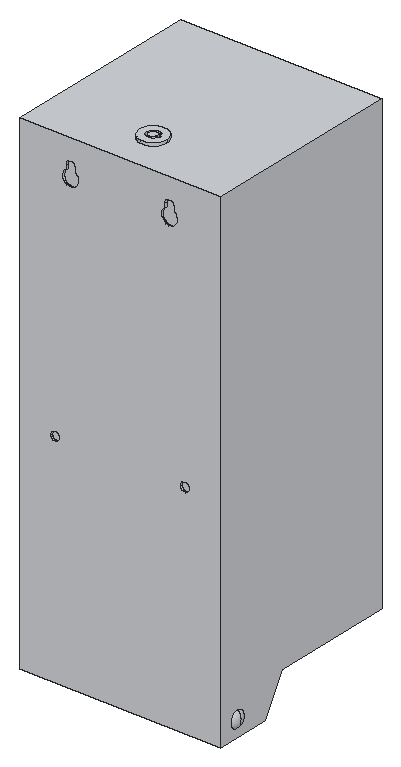
Revit family "AX9423_0008", category Appareils sanitaires, Revit 2016
Family settings
  Hôte = Mur
  Type d'élément = Normal
  Cote de connecteur circulaire = Utiliser le diamètre
  Numéro OmniClass = 23.75.00.00
  Titre OmniClass = Climate Control (HVAC)
  Toujours verticalement = Oui
  Couper avec des vides une fois chargée = Non
  Partagée = Non
  Point de calcul de pièce = Non
Parameters (values of type "Type 1")
  URL = "https://www.axeuro.com/fr/distributeurs-de-savon-automatiques/26114-distributeur-de-savon-liquide-ax9423-3700926008544.html"
  Type de produit / Type of product = "Distributeur de savon / Soap dispenser"  # constant formula
  Référence / Reference = "AX9423"  # constant formula
  Model = ""
  Manufacturer = ""
  Entreprise / Company = "Axeuro"  # constant formula
  Description = ""
Reference planes
  plane 1 "Mur": y = 0
  plane 2 "Centre (gauche/droite)": x = 0
  plane 3 "Arrière": y = 75
Forms (mm)
  Extrusion 1, solid, not visible
    sketch origin (0, 75, 32.766) x (1, 0, 0) y (0, 0, 1)
      loop
        line (124.636, 467.234) -> (-157.364, 467.234) -> (-157.364, 77.234) -> (124.636, 77.234) -> (124.636, 467.234)
      loop
        line (122.836, 465.434) -> (-155.564, 465.434) -> (-155.564, 79.034) -> (122.836, 79.034) -> (122.836, 465.434)
    from -110 to 0
  Extrusion 2, solid, not visible
    sketch origin (0, 0, 32.766) x (0, 1, 0) y (0, 0, 1)
      loop
        line (75, 467.234) -> (75, 77.234) -> (76.843, 77.234) -> (76.843, 467.234) -> (75, 467.234)
    from -157.364 to 124.636
  Extrusion 3, solid, not visible
    sketch origin (0, 75, 32.766) x (1, 0, 0) y (0, 0, 1)
      loop
        line (122.836, 465.434) -> (-155.564, 465.434) -> (-155.564, 296.437) -> (122.836, 296.437) -> (122.836, 465.434)
    from -110 to 0
  Extrusion 4, solid, not visible
    sketch origin (0, 75, -184.637) x (1, 0, 0) y (0, 0, 1)
      loop
        line (122.836, 513.841) -> (-155.564, 513.841) -> (-155.564, 296.437) -> (122.836, 296.437) -> (122.836, 513.841)
    from -110 to 0
  Extrusion 5, solid, not visible
    sketch origin (-17.336, 75, 48.525) x (1, 0, 0) y (0, 0, 1)
      loop
        circle (-91.889, 325.864) r 19.45
    from -110.457 to -110
  Extrusion 6, void, not visible
    sketch origin (-11.211, 0, 5.271) x (1, 0, 0) y (0, 0, 1)
      loop
        circle (-109.008, 447.263) r 3
    from -76.843 to -75
  Extrusion 7, solid, not visible
    sketch origin (0, 75, 32.766) x (1, 0, 0) y (0, 0, 1)
      loop
        line (124.636, 467.234) -> (-157.364, 467.234) -> (-157.364, 77.234) -> (124.636, 77.234) -> (124.636, 467.234)
      loop
        line (122.836, 465.434) -> (-155.564, 465.434) -> (-155.564, 79.034) -> (122.836, 79.034) -> (122.836, 465.434)
    from -110 to 0
  Extrusion 8, solid, not visible
    sketch origin (0, 75, 32.766) x (1, 0, 0) y (0, 0, 1)
      loop
        line (122.836, 465.434) -> (-155.564, 465.434) -> (-155.564, 296.437) -> (122.836, 296.437) -> (122.836, 465.434)
    from -110 to 0
  Extrusion 9, solid, not visible
    sketch origin (0, 75, -184.637) x (1, 0, 0) y (0, 0, 1)
      loop
        line (122.836, 513.841) -> (-155.564, 513.841) -> (-155.564, 296.437) -> (122.836, 296.437) -> (122.836, 513.841)
    from -110 to 0
  Extrusion 10, solid, not visible
    sketch origin (-17.336, 75, 48.525) x (1, 0, 0) y (0, 0, 1)
      loop
        circle (-91.889, 325.864) r 19.45
    from -110.457 to -110
  Extrusion 11, void, not visible
    sketch origin (-11.211, 0, 5.271) x (1, 0, 0) y (0, 0, 1)
      loop
        circle (-109.008, 447.263) r 3
    from -76.843 to -75
  Extrusion 12, solid
    sketch origin (45.053, -71.24, 0) x (1, 0, 0) y (0, 1, 0)
      loop
        line (-100.053, 146.24) -> (9.947, 146.24) -> (9.947, 256.24) -> (-100.053, 256.24) -> (-100.053, 146.24)
    from 270 to 540
  Extrusion 13, void
    sketch origin (0, 0, 0) x (0, 1, 0) y (0, 0, 1)
      loop
        line (105, 270) -> (185, 270) -> (185, 290) -> (117, 290) -> (105, 270)
    from -55 to 55
  Extrusion 14, void
    sketch origin (-48.587, 0, 27.144) x (1, 0, 0) y (0, 0, 1)
      loop
        arc (19.087, 496.877) -> (21.587, 488.856) -> (24.087, 496.877) r 4.4
        line (24.087, 496.877) -> (24.087, 499.356)
        arc (24.087, 499.356) -> (21.587, 501.856) -> (19.087, 499.356) r 2.5
        line (19.087, 499.356) -> (19.087, 496.877)
    from -75.849 to -75
  Extrusion 15, void
    sketch origin (48.587, 0, 27.144) x (-1, 0, 0) y (0, 0, -1)
      loop
        line (19.087, -496.877) -> (19.087, -499.356)
        arc (19.087, -499.356) -> (21.587, -501.856) -> (24.087, -499.356) r 2.5
        line (24.087, -499.356) -> (24.087, -496.877)
        arc (24.087, -496.877) -> (21.587, -488.856) -> (19.087, -496.877) r 4.4
    from -75.849 to -75
  Extrusion 16, void
    sketch origin (0, 0, -6.997) x (-1, 0, 0) y (0, 0, -1)
      loop
        circle (-35.5, -398) r 2.5
    from -75.849 to -75
  Extrusion 17, void
    sketch origin (0, 0, -6.997) x (1, 0, 0) y (0, 0, 1)
      loop
        circle (-35.5, 398) r 2.5
    from -75.849 to -75
  Revolve 18, solid
    sketch origin (0, 86, -2.553) x (1, 0, 0) y (0, 0, 1)
      loop
        line (55, 282.053) -> (57, 282.053)
        arc (57, 282.053) -> (56.566, 284.554) -> (55, 286.553) r 5.204
        line (55, 286.553) -> (55, 282.053)
      axis (55, 282.053) -> (57, 282.053)
    angle from 0 to 360
  Revolve 19, solid
    sketch origin (0, 86, -2.553) x (-1, 0, 0) y (0, 0, -1)
      loop
        line (55, -282.053) -> (55, -286.553)
        arc (55, -286.553) -> (56.566, -284.554) -> (57, -282.053) r 5.204
        line (57, -282.053) -> (55, -282.053)
      axis (55, -282.053) -> (57, -282.053)
    angle from 0 to 360
  Extrusion 20, void
    sketch origin (-7.15, 75, -11.972) x (1, 0, 0) y (0, 0, 1)
      loop
        circle (32.65, 319.472) r 2.5
    from -110 to -108.683
  Extrusion 21, solid
    sketch origin (-90.696, -44.043, 0) x (1, 0, 0) y (0, 1, 0)
      loop
        circle (90.696, 141.543) r 7.5
      loop
        circle (90.696, 141.543) r 3.506
    from 540 to 541.5
  Extrusion 22, solid
    sketch origin (0, -3.506, 0) x (1, 0, 0) y (0, 1, 0)
      loop
        circle (0, 101.006) r 2.421
    from 540 to 541.5
  Extrusion 23, void
    sketch origin (0, 0.009, 0) x (-1, 0, 0) y (0, -1, 0)
      loop
        line (-3.922, -97.938) -> (-1.695, -97.938) -> (-1.695, -97.043) -> (-3.922, -97.043) -> (-3.922, -97.938)
    from 540 to 541.5
  Extrusion 24, void
    sketch origin (368.806, 75, -2.981) x (1, 0, 0) y (0, 0, 1)
      loop
        spline (-368.827, 396.981) -> (-363.65, 398.003) -> (-358.827, 401) -> (-354.685, 405.767) -> (-351.506, 411.981) -> (-349.508, 419.216) -> (-348.827, 426.981) -> (-349.508, 434.745) -> (-351.506, 441.981) -> (-354.685, 448.194) -> (-358.827, 452.961) -> (-363.65, 455.958) -> (-368.827, 456.981)
        spline (-368.827, 456.981) -> (-374.003, 455.958) -> (-378.827, 452.961) -> (-382.969, 448.194) -> (-386.147, 441.981) -> (-388.145, 434.745) -> (-388.827, 426.981) -> (-388.145, 419.216) -> (-386.147, 411.981) -> (-382.969, 405.767) -> (-378.827, 401) -> (-374.003, 398.003) -> (-368.827, 396.981)
    from -110 to -108.683
Cuts and joins
  Extrusion 13, Extrusion 14, Extrusion 15, Extrusion 16, Extrusion 17, Extrusion 20, Extrusion 23, Extrusion 24 cuts Extrusion 12
  Extrusion 23 cuts Extrusion 21
  Extrusion 23 cuts Extrusion 22
Text (mm)
  text "Côté de la mise en place" at (-1820.995, 1116.779, 0), in view "Niveau de réf."
  text "Côté de la mise en place" at (0, 1334.055, 2976.191), in view "Gauche"
  text "Côté de la mise en place" at (0, 439.194, 2944.362), in view "Droite"
Dimensions and locks
  host wall to plane 3 "Arrière" = 75 mm
  aligned and locked: plane 1 "Mur" to host wall
